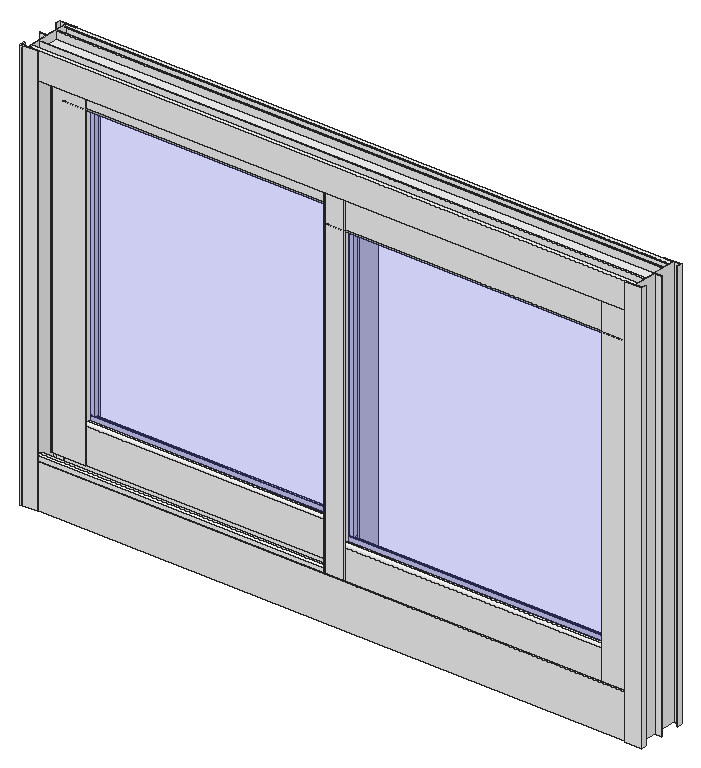
Revit family "Elite_XX_Custom", category Windows, host Wall, Revit 2014 (continued)
Definition of nested family "Elite_Sash_Outer"
  Definition of nested family "Elite_Lock_Stile"
    Automatic sketch dimensions
      Extrusion 1 sketch curve to Extrusion 1 sketch curve = 2 mm
      Extrusion 1 sketch curve to Extrusion 1 sketch curve = 1.2 mm  (x6)
      Extrusion 1 sketch curve to plane 1 "Center (Front/Back)" = 1.2 mm  (x2)
      Extrusion 1 sketch curve to Extrusion 1 sketch curve = 5.2 mm  (x2)
      Extrusion 1 sketch curve to Extrusion 1 sketch curve = 3 mm
      Extrusion 1 sketch curve to Extrusion 1 sketch curve = 20 mm
      Extrusion 1 sketch curve to Extrusion 1 sketch curve = 7 mm  (x2)
      Extrusion 1 sketch curve to Extrusion 1 sketch curve = 4.5 mm  (x2)
      Extrusion 1 sketch curve to Extrusion 1 sketch curve = 0.8 mm  (x2)
  Definition of nested family "Elite_Interlocker"
    Parameters (values of type "Elite_Interlocker")
      Rail Cut Width = 13 mm  # constant formula
      Rail Cut Side Spacing = 5 mm  # constant formula
      Rail Cut Height = 26 mm  # constant formula
      Profile Material [instance] = none
      Length Interlocker [instance] = 250 mm
      Large Cut Height = 55 mm  # constant formula
    Reference planes
      plane 1 "Center (Front/Back)": y = 0
      plane 2: z = 0
      plane 3 "Center (Left/Right)": x = 0
    Forms (mm)
      Extrusion 1, solid, material <- "Profile Material"
        sketch origin (0, 0, 0) x (1, 0, 0) y (0, 1, 0)
          loop
            line (6.916, 36.467) -> (6.916, 6.667) -> (39.416, 6.667) -> (39.416, 9.551) -> (38.416, 9.551) -> (38.416, 8.167) -> (37.116, 8.167) -> (37.116, 9.551) -> (36.116, 9.551) -> (36.116, 8.167) -> (32.916, 8.167) -> (32.916, 15.167) -> (36.116, 15.167) -> (36.116, 13.78) -> (37.116, 13.78) -> (37.116, 15.167) -> (38.416, 15.167) -> (38.416, 13.78) -> (39.416, 13.78) -> (39.416, 25.167)
            arc (39.416, 25.167) -> (38.973, 25.663) -> (38.429, 25.28) r 0.5
            line (38.429, 25.28) -> (36.426, 16.667) -> (32.916, 16.667) -> (32.916, 36.467) -> (31.416, 36.467) -> (31.416, 35.667) -> (24.916, 35.667) -> (24.916, 29.667) -> (26.416, 29.667) -> (26.416, 34.167) -> (31.416, 34.167) -> (31.416, 22.667) -> (19.916, 22.667) -> (8.416, 22.667) -> (8.416, 34.167) -> (13.416, 34.167) -> (13.416, 29.667) -> (14.916, 29.667) -> (14.916, 35.667) -> (8.416, 35.667) -> (8.416, 36.467) -> (6.916, 36.467)
          loop
            line (8.416, 21.167) -> (8.416, 8.167) -> (31.416, 8.167) -> (31.416, 21.167) -> (19.916, 21.167) -> (8.416, 21.167)
        from 0 to 250 <- "Length Interlocker"
      Extrusion 2, void
        sketch origin (14.616, 35.667, 0) x (1, 0, 0) y (0, 0, 1)
          loop
            line (11.8, 250) -> (-1.2, 250) -> (-1.2, 224) -> (11.8, 224) -> (11.8, 250)
          loop
            line (-1.2, 0) -> (11.8, 0) -> (11.8, 26) -> (-1.2, 26) -> (-1.2, 0)
        from 0 to 250
      Extrusion 3, void
        sketch origin (31.316, 35.667, 0) x (1, 0, 0) y (0, 0, 1)
          loop
            line (0.1, 250) -> (-22.9, 250) -> (-22.9, 195) -> (0.1, 195) -> (0.1, 250)
          loop
            line (-22.9, 0) -> (0.1, 0) -> (0.1, 55) -> (-22.9, 55) -> (-22.9, 0)
        from 0 to 25
    Cuts and joins
      Extrusion 2, Extrusion 3 cuts Extrusion 1
    Dimensions and locks
      "Rail Cut Width": Extrusion 2 sketch curve to Extrusion 2 sketch curve  (x2)
      "Rail Cut Side Spacing": Extrusion 2 sketch curve to Extrusion 1  (x2)
      "Rail Cut Height": Extrusion 2 sketch curve to Extrusion 2 sketch curve  (x2)
      "Large Cut Height": Extrusion 3 sketch curve to Extrusion 3 sketch curve  (x2)
      aligned and locked: level to plane 2
      aligned and locked: Extrusion 1 to Extrusion 2 sketch curve  (x2)
      aligned and locked: Extrusion 3 sketch curve to cut or joined group of Extrusion 1, Extrusion 2, Extrusion 3  (x4)
      aligned and locked: cut or joined group of Extrusion 1, Extrusion 2, Extrusion 3 to Extrusion 3 sketch curve  (x2)
    Automatic sketch dimensions
      plane 3 "Center (Left/Right)" to Extrusion 1 sketch curve = 6.916 mm
      plane 3 "Center (Left/Right)" to Extrusion 1 sketch curve = 8.416 mm
      Extrusion 1 sketch curve to Extrusion 1 sketch curve = 1.5 mm  (x11)
      Extrusion 1 sketch curve to Extrusion 1 sketch curve = 0 mm  (x6)
      Extrusion 1 sketch curve to Extrusion 1 sketch curve = 5 mm  (x4)
      Extrusion 1 sketch curve to Extrusion 1 sketch curve = 3.2 mm  (x2)
      Extrusion 1 sketch curve to Extrusion 1 sketch curve = 0.31 mm
      Extrusion 1 sketch curve to Extrusion 1 sketch curve = 1 mm  (x4)
      Extrusion 1 sketch curve to Extrusion 1 sketch curve = 1.3 mm  (x2)
      Extrusion 1 sketch curve to Extrusion 1 sketch curve = 7.013 mm
      Extrusion 1 sketch curve to Extrusion 1 sketch curve = 0.487 mm
      Extrusion 1 sketch curve to plane 1 "Center (Front/Back)" = 6.667 mm
      Extrusion 1 sketch curve to Extrusion 1 sketch curve = 1.384 mm  (x2)
      Extrusion 1 sketch curve to Extrusion 1 sketch curve = 4.229 mm
      Extrusion 1 sketch curve to Extrusion 1 sketch curve = 1.387 mm  (x2)
      Extrusion 1 sketch curve to Extrusion 1 sketch curve = 13 mm
      Extrusion 1 sketch curve to Extrusion 1 sketch curve = 2.5 mm
      Extrusion 1 sketch curve to Extrusion 1 sketch curve = 7 mm  (x2)
      Extrusion 1 sketch curve to Extrusion 1 sketch curve = 4.5 mm  (x2)
      Extrusion 1 sketch curve to Extrusion 1 sketch curve = 0.8 mm  (x2)
  Definition of nested family "Elite_Sash_Top"
    Parameters (values of type "Elite_Sash_Top")
      Profile Material [instance] = none
      Length Sash Top [instance] = 250 mm
    Reference planes
      plane 1 "Center (Front/Back)": y = 0
      plane 2: z = 0
      plane 3 "Center (Left/Right)": x = 0
    Forms (mm)
      Extrusion 1, solid, material <- "Profile Material"
        sketch origin (0, -88.953, -123.01) x (0, 1, 0) y (0, 0, 1)
          loop
            line (92.953, 217.01) -> (95.303, 217.01) -> (95.303, 223.01) -> (93.853, 223.01) -> (93.853, 218.46) -> (92.953, 218.46)
            arc (92.953, 218.46) -> (91.15, 219.207) -> (90.403, 221.01) r 2.55
            line (90.403, 221.01) -> (90.403, 230.06) -> (110.203, 230.06) -> (110.203, 221.01)
            arc (110.203, 221.01) -> (109.456, 219.207) -> (107.653, 218.46) r 2.55
            line (107.653, 218.46) -> (106.753, 218.46) -> (106.753, 223.01) -> (105.303, 223.01) -> (105.303, 217.01) -> (107.653, 217.01)
            arc (107.653, 217.01) -> (110.482, 218.181) -> (111.653, 221.01) r 4
            line (111.653, 221.01) -> (111.653, 271.01) -> (107.403, 271.01) -> (107.403, 268.61) -> (108.603, 268.61) -> (108.603, 269.81) -> (110.203, 269.81) -> (110.203, 262.21) -> (108.603, 262.21) -> (108.603, 263.41) -> (107.403, 263.41) -> (107.403, 261.01) -> (110.203, 261.01) -> (110.203, 231.51) -> (90.403, 231.51) -> (90.403, 261.01) -> (93.203, 261.01) -> (93.203, 263.41) -> (92.003, 263.41) -> (92.003, 262.21) -> (90.403, 262.21) -> (90.403, 269.81) -> (92.003, 269.81) -> (92.003, 268.61) -> (93.203, 268.61) -> (93.203, 271.01) -> (88.953, 271.01) -> (88.953, 221.01)
            arc (88.953, 221.01) -> (90.125, 218.181) -> (92.953, 217.01) r 4
        from 0 to 250 <- "Length Sash Top"
    Dimensions and locks
      aligned and locked: level to plane 2
  Definition of nested family "Elite_Sash_Bottom"
    Parameters (values of type "Elite_Sash_Bottom")
      Profile Material [instance] = none
      Length Sash Bottom [instance] = 250 mm
    Reference planes
      plane 1 "Center (Front/Back)": y = 0
      plane 2: z = 0
      plane 3 "Center (Left/Right)": x = 0
    Forms (mm)
      Extrusion 1, solid, material <- "Profile Material"
        sketch origin (0, -88.953, -123.01) x (0, 1, 0) y (0, 0, 1)
          loop
            arc (92.953, 177.01) -> (90.125, 175.838) -> (88.953, 173.01) r 4
            line (88.953, 173.01) -> (88.953, 123.01) -> (93.203, 123.01) -> (93.203, 125.41) -> (92.003, 125.41) -> (92.003, 124.21) -> (90.403, 124.21) -> (90.403, 131.81) -> (92.003, 131.81) -> (92.003, 130.61) -> (93.203, 130.61) -> (93.203, 133.01) -> (90.403, 133.01) -> (90.403, 162.51) -> (110.203, 162.51) -> (110.203, 133.01) -> (107.403, 133.01) -> (107.403, 130.61) -> (108.603, 130.61) -> (108.603, 131.81) -> (110.203, 131.81) -> (110.203, 124.21) -> (108.603, 124.21) -> (108.603, 125.41) -> (107.403, 125.41) -> (107.403, 123.01) -> (111.653, 123.01) -> (111.653, 173.01)
            arc (111.653, 173.01) -> (110.482, 175.838) -> (107.653, 177.01) r 4
            line (107.653, 177.01) -> (105.303, 177.01) -> (105.303, 171.01) -> (106.753, 171.01) -> (106.753, 175.56) -> (107.653, 175.56)
            arc (107.653, 175.56) -> (109.456, 174.813) -> (110.203, 173.01) r 2.55
            line (110.203, 173.01) -> (110.203, 163.96) -> (90.403, 163.96) -> (90.403, 173.01)
            arc (90.403, 173.01) -> (91.15, 174.813) -> (92.953, 175.56) r 2.55
            line (92.953, 175.56) -> (93.853, 175.56) -> (93.853, 171.01) -> (95.303, 171.01) -> (95.303, 177.01) -> (92.953, 177.01)
        from 0 to 250 <- "Length Sash Bottom"
    Dimensions and locks
      aligned and locked: level to plane 2
  Definition of nested family "Elite_Heavy_Duty_Interlocker_Outside"
    Parameters (values of type "Elite_Heavy_Duty_Interlocker_Outside")
      Side Cut Width = 20 mm  # constant formula
      Side Cut Height Top = 26 mm  # constant formula
      Profile Material [instance] = none
      Length Heavy Duty Interlocker [instance] = 250 mm
      Large Cut Height = 55 mm  # constant formula
      Cut Width = 13 mm  # constant formula
      Cut Side Spacing = 5 mm  # constant formula
      Cut Height = 26 mm  # constant formula
    Reference planes
      plane 1 "Center (Front/Back)": y = 0
      plane 2: z = 0
      plane 3 "Center (Left/Right)": x = 0
    Forms (mm)
      Extrusion 1, solid, material <- "Profile Material"
        sketch origin (0, 0, 0) x (1, 0, 0) y (0, 1, 0)
          loop
            arc (4, 27.5) -> (2.232, 26.768) -> (1.5, 25) r 2.5
            line (1.5, 25) -> (1.5, 4)
            arc (1.5, 4) -> (2.232, 2.232) -> (4, 1.5) r 2.5
            line (4, 1.5) -> (20, 1.5) -> (20, 27.5) -> (4, 27.5)
          loop
            line (21.5, 14.5) -> (21.5, 1.5) -> (33, 1.5) -> (44.5, 1.5) -> (44.5, 14.5) -> (33, 14.5) -> (21.5, 14.5)
          loop
            line (46, 10) -> (46, 29.8) -> (44.5, 29.8) -> (44.5, 29) -> (38, 29) -> (38, 23) -> (39.5, 23) -> (39.5, 27.5) -> (44.5, 27.5) -> (44.5, 16) -> (33, 16) -> (21.5, 16) -> (21.5, 27.5) -> (26.5, 27.5) -> (26.5, 23) -> (28, 23) -> (28, 29) -> (21.5, 29) -> (21.5, 29.8) -> (20, 29.8) -> (20, 29) -> (4, 29)
            arc (4, 29) -> (1.172, 27.828) -> (0, 25) r 4
            line (0, 25) -> (0, 4)
            arc (0, 4) -> (1.172, 1.172) -> (4, 0) r 4
            line (4, 0) -> (52.5, 0) -> (52.5, 2.866) -> (51.5, 2.866) -> (51.5, 1.5) -> (50.2, 1.5) -> (50.2, 2.866) -> (49.2, 2.866) -> (49.2, 1.5) -> (46, 1.5) -> (46, 8.5) -> (49.2, 8.5) -> (49.2, 7.121) -> (50.2, 7.121) -> (50.2, 8.5) -> (51.5, 8.5) -> (51.5, 7.121) -> (52.5, 7.121) -> (52.5, 18.5)
            arc (52.5, 18.5) -> (52.057, 18.997) -> (51.513, 18.613) r 0.5
            line (51.513, 18.613) -> (49.51, 10) -> (46, 10)
        from 0 to 250 <- "Length Heavy Duty Interlocker"
      Extrusion 2, void
        sketch origin (44.4, 29, 0) x (1, 0, 0) y (0, 0, 1)
          loop
            line (-4.9, 250) -> (-17.9, 250) -> (-17.9, 224) -> (-4.9, 224) -> (-4.9, 250)
          loop
            line (-4.9, 0) -> (-4.9, 26) -> (-17.9, 26) -> (-17.9, 0) -> (-4.9, 0)
        from 0 to 250
      Extrusion 3, void
        sketch origin (44.4, 29, 0) x (1, 0, 0) y (0, 0, 1)
          loop
            line (0.1, 250) -> (-22.9, 250) -> (-22.9, 195) -> (0.1, 195) -> (0.1, 250)
          loop
            line (0.1, 0) -> (0.1, 55) -> (-22.9, 55) -> (-22.9, 0) -> (0.1, 0)
        from 0 to 25
      Extrusion 4, void
        sketch origin (19.7, 29, 0) x (1, 0, 0) y (0, 0, 1)
          loop
            line (0.3, 250) -> (-19.7, 250) -> (-19.7, 224) -> (0.3, 224) -> (0.3, 250)
        from 0 to 250
    Cuts and joins
      Extrusion 2, Extrusion 3, Extrusion 4 cuts Extrusion 1
    Dimensions and locks
      "Cut Width": Extrusion 2 sketch curve to Extrusion 2 sketch curve  (x2)
      "Cut Side Spacing": Extrusion 2 sketch curve to Extrusion 1  (x2)
      "Cut Height": Extrusion 2 sketch curve to Extrusion 2 sketch curve  (x2)
      "Large Cut Height": Extrusion 3 sketch curve to Extrusion 3 sketch curve  (x2)
      "Side Cut Width": Extrusion 4 sketch curve to Extrusion 4 sketch curve
      "Side Cut Height Top": Extrusion 4 sketch curve to Extrusion 4 sketch curve
      aligned and locked: level to plane 2
      aligned and locked: Extrusion 2 sketch curve to Extrusion 1
      aligned and locked: Extrusion 1 to Extrusion 2 sketch curve
      aligned and locked: cut or joined group of Extrusion 1, Extrusion 2, Extrusion 3, Extrusion 4 to Extrusion 3 sketch curve  (x2)
      aligned and locked: Extrusion 3 sketch curve to cut or joined group of Extrusion 1, Extrusion 2, Extrusion 3, Extrusion 4  (x4)
      aligned and locked: Extrusion 4 sketch curve to cut or joined group of Extrusion 1, Extrusion 2, Extrusion 3, Extrusion 4
      aligned and locked: cut or joined group of Extrusion 1, Extrusion 2, Extrusion 3, Extrusion 4 to Extrusion 4 sketch curve
    Automatic sketch dimensions
      Extrusion 1 sketch curve to Extrusion 1 sketch curve = 0 mm  (x11)
      Extrusion 1 sketch curve to plane 3 "Center (Left/Right)" = 0 mm
      plane 1 "Center (Front/Back)" to Extrusion 1 sketch curve = 0 mm
      plane 3 "Center (Left/Right)" to Extrusion 1 sketch curve = 1.5 mm
      Extrusion 1 sketch curve to Extrusion 1 sketch curve = 2.5 mm  (x3)
      Extrusion 1 sketch curve to Extrusion 1 sketch curve = 16 mm
      Extrusion 1 sketch curve to Extrusion 1 sketch curve = 1.5 mm  (x10)
      Extrusion 1 sketch curve to Extrusion 1 sketch curve = 5 mm  (x3)
      Extrusion 1 sketch curve to plane 1 "Center (Front/Back)" = 1.5 mm  (x3)
      Extrusion 1 sketch curve to Extrusion 1 sketch curve = 11.5 mm  (x2)
      Extrusion 1 sketch curve to Extrusion 1 sketch curve = 10 mm
      Extrusion 1 sketch curve to Extrusion 1 sketch curve = 3.2 mm  (x2)
      Extrusion 1 sketch curve to plane 1 "Center (Front/Back)" = 10 mm
      Extrusion 1 sketch curve to Extrusion 1 sketch curve = 0.31 mm
      Extrusion 1 sketch curve to Extrusion 1 sketch curve = 1 mm  (x4)
      Extrusion 1 sketch curve to Extrusion 1 sketch curve = 1.3 mm  (x2)
      Extrusion 1 sketch curve to Extrusion 1 sketch curve = 7.013 mm
      Extrusion 1 sketch curve to Extrusion 1 sketch curve = 0.487 mm
      Extrusion 1 sketch curve to Extrusion 1 sketch curve = 1.366 mm
      Extrusion 1 sketch curve to Extrusion 1 sketch curve = 2.879 mm
      Extrusion 1 sketch curve to Extrusion 1 sketch curve = 4.5 mm  (x3)
      Extrusion 1 sketch curve to Extrusion 1 sketch curve = 7 mm  (x2)
      Extrusion 1 sketch curve to Extrusion 1 sketch curve = 9 mm
      Extrusion 1 sketch curve to Extrusion 1 sketch curve = 0.8 mm  (x2)
